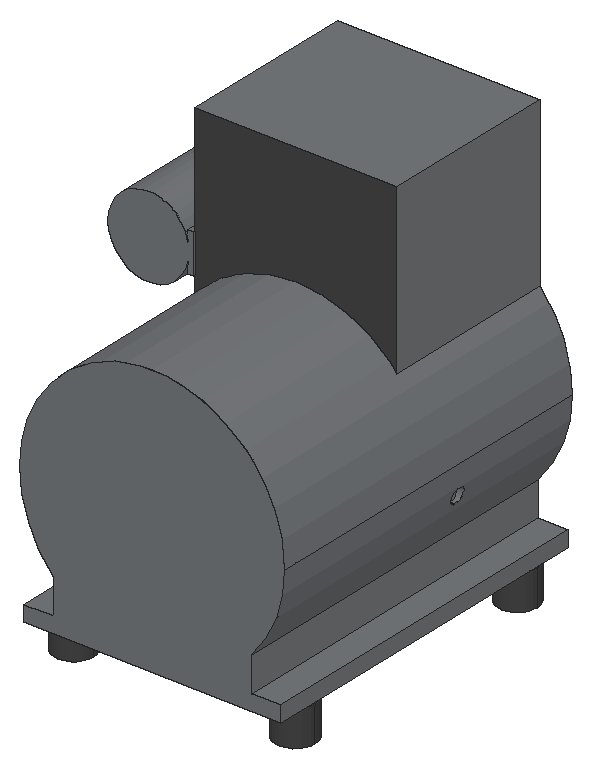
Revit family "PAV PS CIRC", category Equipement de génie climatique, Revit 2018
Family settings
  Cote de connecteur circulaire = Utiliser le diamètre
  Classification = Aucun
  Type d'élément = Normal
  Basée sur le plan de construction = Non
  Toujours verticalement = Oui
  Couper avec des vides une fois chargée = Non
  Partagée = Non
  Point de calcul de pièce = Non
Parameters (values of type "2V")
  Zone de maintenance coffret = yes
  Zone de maintenance 1 = yes
  Type_coffret = tableau éléctrique EPT : Coffret_PM2_3xSL150R
  TENSION_ALIM = 230 V
  PUISS_ELECT_2 = 0 kW
  PUISS_ELECT = 0.25 kW
  PUISS_APPARENTE_2 = 0 VA
  PUISS_APPARENTE = PUISS_ELECT / COS_PHI  # 277.778 VA
  POIDS(Kg) = 36 mm
  NIVEAU_SONORE(dB(A)) = 57
  NEUTRE = yes
  NBR_POLES = 1
  Lien espace client = ""
  LONG.SOCLE = 181 mm
  LONG.MOTEUR = 181 mm
  LONG.FLASQUE.VIDE = 90.5 mm
  LONG.FLASQUE.TROU.VIDE = 240 mm
  LONG.FLASQUE = 90.5 mm
  LONG.ENTRAXE.GOUSSET = 140.5 mm
  LARG.SOCLE = 65 mm
  LARG.MOTEUR = 67 mm
  LARG.ENTRAXE.GOUSSET = 56 mm
  HAUTEUR = 0 mm
  HAUT.MOTEUR = 70 mm
  HAUT.FLASQUE = 198 mm
  HAUT.CONDO = 132 mm
  DOUBLE_ALIMENTATION = yes
  DIAM_REFOUL_VIDE = 8 mm
  DIAM_ASPI_VIDE = 8 mm
  DIAMETRE.MOTEUR = 67 mm
  DESCR_REFOUL = "Refoulement Vide; 2.8m3/h; G1/4\"FEM"
  DESCR_ASPI = "Aspiration Vide; 2.8m3/h; G1/4\"FEM"
  DESCR_ALIM_X = "Alimentation électrique, 3G1mm²"
  DEBIT_REFOUL_VIDE = 2.8 m³/h
  DEBIT_ASPI_VIDE = 2.8 m³/h
  COS_PHI = 0.9  # constant formula
  BRANCHEMENT_TERRE = yes
Types (5, lengths in mm): name | PUISS_ELECT | PUISS_APPARENTE | LONG.SOCLE | LONG.MOTEUR | LONG.FLASQUE.VIDE | LONG.FLASQUE.TROU.VIDE | LONG.FLASQUE | LONG.ENTRAXE.GOUSSET | LARG.SOCLE | LARG.ENTRAXE.GOUSSET | HAUT.FLASQUE | HAUT.CONDO | DIAM_REFOUL_VIDE | DIAM_ASPI_VIDE | DESCR_REFOUL | DESCR_ASPI | DEBIT_REFOUL_VIDE | DEBIT_ASPI_VIDE
  (no name) | 0.25 kW | 277.778 VA | 181 | 181 | 90.5 | 240 | 90.5 | 140.5 | 65 | 56 | 198 | 132 | 8 | 8 | "Refoulement Vide; 2.8m3/h; G1/4\"FEM" | "Aspiration Vide; 2.8m3/h; G1/4\"FEM" | 2.8 m³/h | 2.8 m³/h
  2V | 0.25 kW | 277.778 VA | 181 | 181 | 90.5 | 240 | 90.5 | 140.5 | 65 | 56 | 198 | 132 | 8 | 8 | "Refoulement Vide; 2.8m3/h; G1/4\"FEM" | "Aspiration Vide; 2.8m3/h; G1/4\"FEM" | 2.8 m³/h | 2.8 m³/h
  5V | 0.3 kW | 333.333 VA | 240 | 240 | 59 | 240 | 240 | 196.5 | 65 | 56 | 198 | 132 | 8 | 8 | "Refoulement Vide; 4.8m3/h; G1/4\"FEM" | "Aspiration Vide; 4.8m3/h; G1/4\"FEM" | 4.8 m³/h | 4.8 m³/h
  7V | 0.38 kW | 422.222 VA | 240 | 240 | 59 | 240 | 240 | 196.5 | 65 | 56 | 198 | 132 | 8 | 8 | "Refoulement Vide; 6.4m3/h; G1/4\"FEM" | "Aspiration Vide; 6.4m3/h; G1/4\"FEM" | 6.4 m³/h | 6.4 m³/h
  12V | 0.58 kW | 644.444 VA | 275 | 275 | 94 | 275 | 275 | 234.5 | 70 | 59 | 241.5 | 142 | 10 | 10 | "Refoulement Vide; 10m3/h; G3/8\"FEM" | "Aspiration Vide; 10m3/h; G3/8\"FEM" | 10.0 m³/h | 10.0 m³/h
Reference planes
  plane 1 "Centre (avant/arrière)": y = 0
  plane 2: z = 0
  plane 3 "Centre (gauche/droite)": x = 0
  plane 4: x = -545
  plane 5: x = -545
  plane 6: x = -245
  plane 7 "SOCLE": z = 18
  plane 8 "MOTEUR": z = 88
  plane 9 "FLASQUE": z = 216
  plane 10 "FLASQUE (VIDE)": y = -90.5
  plane 11 "HAUT.TROU.FLASQUE": z = 200
  plane 12: x = -20
  plane 13: x = 20
  plane 14 "CONDO": y = -13
  plane 15 "HAUT.CONDO": z = 150
  plane 16 "GOUSSET1": x = -56
  plane 17 "GOUSSET2": x = 56
  plane 18 "GOUSSET3": y = -20.25
  plane 19 "GOUSSET4": y = -160.75
  plane 20: y = -90.5
  plane 21 "TROU ELECT": z = 72
  plane 22 "VIDE TROU ELEC": x = 65.062
Forms (mm)
  Extrusion 1, solid, not visible
    sketch origin (-671.698, -1524, 268) x (-1, 0, 0) y (0, -1, 0)
      loop
        circle (-126.698, -1132) r 25
    from 0 to 17
  Extrusion 2, solid, not visible
    sketch origin (-671.698, -1524, 268) x (-1, 0, 0) y (0, -1, 0)
      loop
        circle (-126.698, -1132) r 25
    from 0 to 17
  Extrusion 3, solid, not visible
    sketch origin (-371.698, -1524, 268) x (-1, 0, 0) y (0, -1, 0)
      loop
        circle (-126.698, -1132) r 25
    from 0 to 17
  Extrusion 4, solid, material "GRIS MILS"
    sketch origin (0, 0, 0) x (1, 0, 0) y (0, 0, 1)
      loop
        line (-65, 18) -> (65, 18) -> (65, 26) -> (50, 26) -> (50, 43.5) -> (-50, 43.5) -> (-50, 26) -> (-65, 26) -> (-65, 18)
    from 0 to 181
  Extrusion 5, solid, material "GRIS MILS"
    sketch origin (0, 0, 0) x (1, 0, 0) y (0, 0, 1)
      loop
        circle (0, 88) r 67
    from 0 to 181
  Extrusion 6, solid, material "GRIS MILS"
    sketch origin (0, 0, 0) x (1, 0, 0) y (0, 0, 1)
      loop
        line (-51, 216) -> (-51, 88) -> (51, 88) -> (51, 216) -> (-51, 216)
    from 0 to 90.5
  Extrusion 7, void
    sketch origin (-172.547, -90.5, 1200) x (1, 0, 0) y (0, 0, 1)
      loop
        line (121.547, -984) -> (121.547, -1068.549)
        arc (121.547, -1068.549) -> (172.547, -1045) -> (223.547, -1068.549) r 67
        line (223.547, -1068.549) -> (223.547, -984) -> (121.547, -984)
    from 0 to 90.5
  Extrusion 8, void
    sketch origin (0, 0, 0) x (-1, 0, 0) y (0, 0, 1)
      loop
        circle (20, 200) r 7
      loop
        circle (-20, 200) r 7.017
    from 0 to -10
  Extrusion 9, void
    sketch origin (0, -240, 0) x (-1, 0, 0) y (0, 0, -1)
      loop
        circle (20, -200) r 7
      loop
        circle (-20, -200) r 7.017
    from 0 to -10
  Extrusion 10, solid, material "GRIS MILS"
    sketch origin (0, -13, 0) x (1, 0, 0) y (0, 0, -1)
      loop
        line (-54, -154.5) -> (-54, -160) -> (-51, -160) -> (-51, -140) -> (-54, -140) -> (-54, -145.5)
        arc (-54, -145.5) -> (-94.5, -150) -> (-54, -154.5) r 20.5
    from 0 to -78
  Extrusion 11, solid, material "NOIR MILS"
    sketch origin (0, 0, 0) x (1, 0, 0) y (0, 1, 0)
      loop
        circle (-56, -20.25) r 10
      loop
        circle (56, -20.25) r 10
      loop
        circle (-56, -160.75) r 10
      loop
        circle (56, -160.75) r 10
    from 0 to 18
  Extrusion 12, void
    sketch origin (65.062, -1524, 132.802) x (0, 0, -1) y (0, -1, 0)
      loop
        circle (60.802, -1454) r 4.02
    from -1.5 to 3.5
Cuts and joins
  Extrusion 7, Extrusion 8, Extrusion 9, Extrusion 12 cuts Extrusion 4
  Extrusion 7, Extrusion 8, Extrusion 9, Extrusion 12 cuts Extrusion 5
  Extrusion 7, Extrusion 8, Extrusion 9, Extrusion 12 cuts Extrusion 6
  joined: Extrusion 4, Extrusion 5, Extrusion 6
Dimensions and locks
  "LONG.SOCLE": Extrusion 4 to plane 1 "Centre (avant/arrière)"
  "LARG.SOCLE": Extrusion 4 to plane 3 "Centre (gauche/droite)" to Extrusion 4
  "HAUT.MOTEUR": plane 8 "MOTEUR" to plane 7 "SOCLE"
  "LONG.MOTEUR": Extrusion 5 to plane 1 "Centre (avant/arrière)"
  "HAUT.FLASQUE": plane 9 "FLASQUE" to plane 7 "SOCLE"
  "LONG.FLASQUE": cut or joined group of Extrusion 4, Extrusion 5, Extrusion 6, Extrusion 7, Extrusion 8, Extrusion 9, Extrusion 12 to plane 1 "Centre (avant/arrière)"
  "LONG.FLASQUE.VIDE": plane 10 "FLASQUE (VIDE)" to cut or joined group of Extrusion 4, Extrusion 5, Extrusion 6, Extrusion 7, Extrusion 8, Extrusion 9, Extrusion 12
  locked: plane 9 "FLASQUE" to plane 11 "HAUT.TROU.FLASQUE" at 16
  plane 13 to plane 3 "Centre (gauche/droite)" to plane 12 = 20 mm locked, 20 mm locked
  "LONG.FLASQUE.TROU.VIDE": cut or joined group of Extrusion 4, Extrusion 5, Extrusion 6, Extrusion 7, Extrusion 8, Extrusion 9, Extrusion 12 to plane 1 "Centre (avant/arrière)"
  locked: cut or joined group of Extrusion 4, Extrusion 5, Extrusion 6, Extrusion 7, Extrusion 8, Extrusion 9, Extrusion 12 to cut or joined group of Extrusion 4, Extrusion 5, Extrusion 6, Extrusion 7, Extrusion 8, Extrusion 9, Extrusion 12 at 10
  "HAUT.CONDO": plane 15 "HAUT.CONDO" to plane 7 "SOCLE"
  locked: plane 7 "SOCLE" to level at 18
  locked: cut or joined group of Extrusion 4, Extrusion 5, Extrusion 6, Extrusion 7, Extrusion 8, Extrusion 9, Extrusion 12 to plane 18 "GOUSSET3" at 20.25
  cut or joined group of Extrusion 4, Extrusion 5, Extrusion 6, Extrusion 7, Extrusion 8, Extrusion 9, Extrusion 12 to plane 19 "GOUSSET4" = 20.25 mm
  "LARG.ENTRAXE.GOUSSET": plane 17 "GOUSSET2" to plane 3 "Centre (gauche/droite)" to plane 16 "GOUSSET1"
  "LONG.ENTRAXE.GOUSSET": plane 18 "GOUSSET3" to plane 19 "GOUSSET4"
  plane 21 "TROU ELECT" to plane 7 "SOCLE" = 54 mm
  radius of Extrusion 1 sketch curve = 25 mm
  radius of Extrusion 2 sketch curve = 25 mm
  radius of Extrusion 3 sketch curve = 25 mm
  "DIAMETRE.MOTEUR": radius of Extrusion 5 sketch curve
  diameter of Extrusion 5 = 134 mm
  aligned and locked: level to plane 2
  aligned and locked: plane 3 "Centre (gauche/droite)" to Extrusion 5 sketch curve
  aligned and locked: plane 8 "MOTEUR" to Extrusion 5 sketch curve
  aligned and locked: plane 8 "MOTEUR" to Extrusion 6 sketch curve
  aligned and locked: plane 9 "FLASQUE" to cut or joined group of Extrusion 4, Extrusion 5, Extrusion 6, Extrusion 7, Extrusion 8, Extrusion 9, Extrusion 12
  aligned and locked: plane 12 to Extrusion 8 sketch curve
  aligned and locked: plane 11 "HAUT.TROU.FLASQUE" to Extrusion 8 sketch curve  (x2)
  aligned and locked: plane 13 to Extrusion 8 sketch curve
  aligned and locked: cut or joined group of Extrusion 4, Extrusion 5, Extrusion 6, Extrusion 7, Extrusion 8, Extrusion 9, Extrusion 12 to cut or joined group of Extrusion 4, Extrusion 5, Extrusion 6, Extrusion 7, Extrusion 8, Extrusion 9, Extrusion 12
  aligned and locked: plane 15 "HAUT.CONDO" to Extrusion 10 sketch curve
  aligned and locked: plane 16 "GOUSSET1" to Extrusion 11 sketch curve  (x2)
  aligned and locked: plane 18 "GOUSSET3" to Extrusion 11 sketch curve  (x2)
  aligned and locked: plane 17 "GOUSSET2" to Extrusion 11 sketch curve  (x2)
  aligned and locked: plane 19 "GOUSSET4" to Extrusion 11 sketch curve  (x2)
Automatic sketch dimensions
  Extrusion 4 sketch curve to plane 7 "SOCLE" = 0 mm
  plane 12 to Extrusion 4 sketch curve = 45 mm
  Extrusion 4 sketch curve to Extrusion 4 sketch curve = 15 mm  (x2)
  Extrusion 4 sketch curve to plane 13 = 30 mm
  Extrusion 4 sketch curve to Extrusion 4 sketch curve = 8 mm
  plane 7 "SOCLE" to Extrusion 4 sketch curve = 8 mm
  Extrusion 4 sketch curve to Extrusion 4 sketch curve = 17.5 mm
  Extrusion 6 sketch curve to plane 9 "FLASQUE" = 0 mm
  plane 12 to Extrusion 6 sketch curve = 31 mm
  Extrusion 6 sketch curve to plane 13 = 31 mm
  Extrusion 7 sketch curve to plane 9 "FLASQUE" = 0 mm
  Extrusion 7 sketch curve to plane 3 "Centre (gauche/droite)" = 0 mm
  Extrusion 7 sketch curve to plane 8 "MOTEUR" = 0 mm
  plane 12 to Extrusion 7 sketch curve = 31 mm
  Extrusion 7 sketch curve to plane 13 = 31 mm
  Extrusion 9 sketch curve to plane 11 "HAUT.TROU.FLASQUE" = 0 mm  (x2)
  plane 13 to Extrusion 9 sketch curve = 0 mm
  plane 12 to Extrusion 9 sketch curve = 0 mm
  plane 8 "MOTEUR" to Extrusion 7 sketch curve = 43.451 mm
  Extrusion 10 sketch curve to plane 12 = 54 mm
  Extrusion 10 sketch curve to plane 15 "HAUT.CONDO" = 10 mm
  Extrusion 10 sketch curve to Extrusion 10 sketch curve = 20 mm
  Extrusion 10 sketch curve to Extrusion 10 sketch curve = 3 mm  (x2)
  plane 15 "HAUT.CONDO" to Extrusion 10 sketch curve = 10 mm
  plane 15 "HAUT.CONDO" to Extrusion 10 sketch curve = 4.5 mm
  Extrusion 10 sketch curve to Extrusion 10 sketch curve = 0 mm
  plane 10 "FLASQUE (VIDE)" to Extrusion 12 sketch curve = 20.5 mm
  Extrusion 12 sketch curve to plane 21 "TROU ELECT" = 0 mm
  radius of Extrusion 8 sketch curve = 7 mm
  radius of Extrusion 8 sketch curve = 7.017 mm
  radius of Extrusion 9 sketch curve = 7 mm
  radius of Extrusion 9 sketch curve = 7.017 mm
  radius of Extrusion 11 sketch curve = 10 mm  (x4)
  radius of Extrusion 12 sketch curve = 4.02 mm
Connectors
  electrical at (61.562, -70, 72), driven by "DESCR_ALIM_X", driven by "TENSION_ALIM", driven by "PUISS_APPARENTE", driven by "PUISS_APPARENTE", driven by "NBR_POLES"
    settings: on cut or joined group of Extrusion 4, Extrusion 5, Extrusion 6, Extrusion 7, Extrusion 8, Extrusion 9, Extrusion 12, index 3, voltage 230 V, apparent load 277.778 VA, apparent load phase1 277.778 VA, apparent load phase2 0 VA, apparent load phase3 0 VA, power factor 1, load classification "Moteur", number of poles 1, system type 31, power factor state 1, is connector primary yes, connector utility no, sub classification motor no, connector description "Alimentation électrique, 3G1mm²"
  piping at (-20, -10, 200), diameter 8, driven by "DIAM_ASPI_VIDE", driven by "DEBIT_ASPI_VIDE", driven by "DESCR_ASPI"
    settings: on cut or joined group of Extrusion 4, Extrusion 5, Extrusion 6, Extrusion 7, Extrusion 8, Extrusion 9, Extrusion 12, index 4, connector inside diameter 609.6 mm, connector length 0 mm, flow factor 0, pipe flow 2.8 m³/h, pressure drop 0.0 Pa, fitting loss kfactor 0, connector angle 0.00°, fixture units 0, engagement length 0 mm, angle of deflection 0.00°, flow configuration 0, flow direction 1, fitting loss method 0, system type 22, joint type 0, gender type 0, connector reference index -1, connector utility 0, adjustable connector no, is connector primary yes, connector description "Aspiration Vide; 2.8m3/h; G1/4\"FEM"
  piping at (20, -10, 200), diameter 8, driven by "DIAM_REFOUL_VIDE", driven by "DEBIT_REFOUL_VIDE", driven by "DESCR_REFOUL"
    settings: on cut or joined group of Extrusion 4, Extrusion 5, Extrusion 6, Extrusion 7, Extrusion 8, Extrusion 9, Extrusion 12, index 5, connector inside diameter 609.6 mm, connector length 0 mm, flow factor 0, pipe flow 2.8 m³/h, pressure drop 0.0 Pa, fitting loss kfactor 0, connector angle 0.00°, fixture units 0, engagement length 0 mm, angle of deflection 0.00°, flow configuration 0, flow direction 2, fitting loss method 0, system type 22, joint type 0, gender type 0, connector reference index -1, connector utility 0, adjustable connector no, is connector primary no, connector description "Refoulement Vide; 2.8m3/h; G1/4\"FEM"
